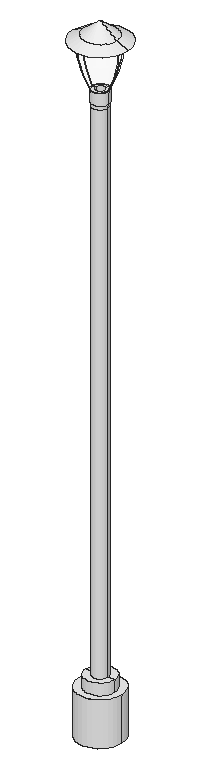
Revit family "Street Light Antique", category Lighting Fixtures, Revit 2015
Parameters (values of type "250W Halogen - 480V")
  Wattage = 250 W
  built-in parameter 1150110 = 1 (stored number, unit not read)
  built-in parameter 1114217 = 1 (stored number, unit not read)
  built-in parameter 1150109 = 1 (stored number, unit not read)
  built-in parameter 1150134 = 3
  built-in parameter 1150113 = 1 (stored number, unit not read)
  built-in parameter 1150115 = 1 (stored number, unit not read)
  built-in parameter 1150105 = 397.89 (stored number, unit not read)
  Load Classification = Lighting - Exterior
  Light Source Symbol Size = 200 mm
  built-in parameter 1150137 = 1
  built-in parameter 1150139 = (empty or 0)
  built-in parameter 1150112 = 1 (stored number, unit not read)
  built-in parameter 1150114 = 1 (stored number, unit not read)
  built-in parameter 1150132 = (empty or 0)
  built-in parameter 1150102 = (empty or 0)
  built-in parameter 1150138 = (empty or 0)
  built-in parameter 1150107 = 3200 (stored number, unit not read)
  built-in parameter 1150106 = 3.9789 (stored number, unit not read)
  built-in parameter 1150104 = 1.8581 (stored number, unit not read)
  Dimming Lamp Color Temperature Shift = <None>
  Color Filter = 16777215
  Ballast Voltage = 480 V
  Ballast Number of Poles = 3
  built-in parameter 1114218 = 1 (stored number, unit not read)
  built-in parameter 1150133 = 10 (stored number, unit not read)
  Assembly Code = "D5020280"
  Height = 4500 mm
  Lamp = "T-4"
  Lumens = 5000 lm
  Stand Material = none
  Wattage Comments = "250"
  Apparent Load = 250 VA
Types (10, lengths in mm): name | Wattage | built-in parameter 1150134 | built-in parameter 1150105 | built-in parameter 1150107 | built-in parameter 1150106 | built-in parameter 1150104 | Ballast Voltage | Ballast Number of Poles | Lamp | Lumens | Wattage Comments | Apparent Load
  (no name) | 250 W | 3 | 397.89 (stored number, unit not read) | 3200 (stored number, unit not read) | 3.9789 (stored number, unit not read) | 1.8581 (stored number, unit not read) | 480 V | 3 | "T-4" | 5000 lm | "250" | 250 VA
  400W Halogen - 120V | 400 W | 3 | 795.77 (stored number, unit not read) | 3200 (stored number, unit not read) | 7.9577 (stored number, unit not read) | 2.3226 (stored number, unit not read) | 120 V | 1 | "T-3" | 10000 lm | "400" | 400 VA
  250W Sodium - 120V | 250 W | 13 | 2307.7 (stored number, unit not read) | 2100 (stored number, unit not read) | 23.077 (stored number, unit not read) | 10.777 (stored number, unit not read) | 120 V | 1 | "ET-18" | 29000 lm | "250" | 250 VA
  250W Halogen - 120V | 250 W | 3 | 397.89 (stored number, unit not read) | 3200 (stored number, unit not read) | 3.9789 (stored number, unit not read) | 1.8581 (stored number, unit not read) | 120 V | 1 | "T-4" | 5000 lm | "250" | 250 VA
  250W Halogen - 277V | 250 W | 3 | 397.89 (stored number, unit not read) | 3200 (stored number, unit not read) | 3.9789 (stored number, unit not read) | 1.8581 (stored number, unit not read) | 277 V | 1 | "T-4" | 5000 lm | "250" | 250 VA
  250W Halogen - 480V | 250 W | 3 | 397.89 (stored number, unit not read) | 3200 (stored number, unit not read) | 3.9789 (stored number, unit not read) | 1.8581 (stored number, unit not read) | 480 V | 3 | "T-4" | 5000 lm | "250" | 250 VA
  250W Sodium - 277V | 250 W | 13 | 2307.7 (stored number, unit not read) | 2100 (stored number, unit not read) | 23.077 (stored number, unit not read) | 10.777 (stored number, unit not read) | 277 V | 1 | "ET-18" | 29000 lm | "250" | 250 VA
  250W Sodium - 480V | 250 W | 13 | 2307.7 (stored number, unit not read) | 2100 (stored number, unit not read) | 23.077 (stored number, unit not read) | 10.777 (stored number, unit not read) | 480 V | 3 | "ET-18" | 29000 lm | "250" | 250 VA
  400W Halogen - 277V | 400 W | 3 | 795.77 (stored number, unit not read) | 3200 (stored number, unit not read) | 7.9577 (stored number, unit not read) | 2.3226 (stored number, unit not read) | 277 V | 1 | "T-3" | 10000 lm | "400" | 400 VA
  400W Halogen - 480V | 400 W | 3 | 795.77 (stored number, unit not read) | 3200 (stored number, unit not read) | 7.9577 (stored number, unit not read) | 2.3226 (stored number, unit not read) | 480 V | 3 | "T-3" | 10000 lm | "400" | 400 VA
Reference planes
  plane 1 "Light Source Axis": y = 0
  plane 2: z = 0
  plane 3 "Light Source Axis": x = 0
  plane 4: z = 4500
  plane 5: z = 4373
  plane 6: z = 4411.1
  plane 7: z = 4068.2
  plane 8: z = 3992
  plane 9: z = 3966.6
  plane 10: x = -114.3
  plane 11: x = -190.5
  plane 12: x = -165.1
  plane 13: x = -76.2
  plane 14: x = 101.6
  plane 15: x = 76.2
  plane 16 "Light Source Elevation": z = 4292.6
  plane 17: z = 304.8
Forms (mm)
  Extrusion 1, solid, material <- "Stand Material"
    sketch origin (0, 0, 0) x (1, 0, 0) y (0, 1, 0)
      loop
        circle (0, 0) r 152.4
    from 0 to 304.8
  Revolve 2, solid, material <- "Stand Material"
    sketch origin (0, 0, 0) x (1, 0, 0) y (0, 0, 1)
      loop
        line (0, 4500) -> (-114.3, 4411.1) -> (-190.5, 4373) -> (-114.3, 4373) -> (-114.3, 4381.731) -> (-144.639, 4381.731) -> (-107.454, 4400.324) -> (0, 4485.172) -> (0, 4500)
      loop
        line (-57.398, 4068.2) -> (-57.398, 3992) -> (-53.975, 3992) -> (-53.975, 3966.6) -> (-12.7, 3966.6) -> (-12.7, 3992) -> (-31.998, 3992) -> (-31.998, 4068.2) -> (-57.398, 4068.2)
      axis (0, 4500) -> (0, 3966.6)
    angle from 0 to 360
  Sweep 3, solid, material <- "Stand Material"
    path origin (0, 0, 304.8) x (1, 0, 0) y (0, 1, 0)
      loop
        circle (0, 0) r 12.7
    profile origin (0, 0, 304.8) x (0, -1, 0) y (0, 0, 1)
      loop
        line (-25.4, 0) -> (-25.4, 3661.8) -> (-50.8, 3661.8) -> (-50.8, 76.2) -> (-101.6, 76.2) -> (-101.6, 0) -> (-25.4, 0)
  Revolve 4, solid, material "Glass"
    sketch origin (0, 0, 0) x (1, 0, 0) y (0, 0, 1)
      loop
        line (-57.398, 4068.2) -> (-51.043, 4068.2)
        arc (-51.043, 4068.2) -> (-108.966, 4215.957) -> (-131.878, 4373) r 695.382
        line (-131.878, 4373) -> (-139.069, 4373)
        arc (-139.069, 4373) -> (-115.751, 4215.906) -> (-57.398, 4068.2) r 695.382
      axis (0, 4373) -> (0, 4068.2)
    angle from 0 to 360
Lines and regions (mm)
  Masking region 1
    outline origin (0, 0, 0) x (1, 0, 0) y (0, 1, 0)
      loop
        circle (0, 0) r 152.4
  symbolic lines, style "Exterior"
    curve 1: arc (152.4, 0, 0) -> (0, 152.4, 0) -> (-152.4, 0, 0) r 152.4
    curve 2: arc (-152.4, 0, 0) -> (0, -152.4, 0) -> (152.4, 0, 0) r 152.4
    curve 3: arc (12.7, 0, 0) -> (0, 12.7, 0) -> (-12.7, 0, 0) r 12.7
    curve 4: arc (-12.7, 0, 0) -> (0, -12.7, 0) -> (12.7, 0, 0) r 12.7
Dimensions and locks
  "Height": plane 4 to plane 2
  locked: plane 8 to plane 9 at 25.4
  locked: plane 7 to plane 8 at 76.2
  locked: plane 5 to plane 7 at 304.8
  locked: plane 6 to plane 5 at 38.1
  locked: plane 4 to plane 6 at 88.9
  locked: plane 4 to plane 16 "Light Source Elevation" at 207.4
  aligned and locked: plane 10 to Revolve 2 sketch curve
  aligned and locked: plane 11 to Revolve 2 sketch curve
  aligned and locked: plane 5 to Revolve 2 sketch curve
  aligned and locked: Sweep 3 sketch curve to plane 9
  aligned and locked: Sweep 3 sketch curve to plane 17
  aligned and locked: Masking region 1 sketch curve to curve 1
  aligned and locked: plane 3 "Light Source Axis" to imposter light
  aligned and locked: plane 1 "Light Source Axis" to imposter light
  aligned and locked: plane 16 "Light Source Elevation" to imposter light
Automatic sketch dimensions
  Extrusion 1 sketch curve to plane 1 "Light Source Axis" = 0 mm
  Extrusion 1 sketch curve to plane 3 "Light Source Axis" = 0 mm
  Extrusion 1 sketch curve to plane 3 "Light Source Axis" = 152.4 mm
  Sweep 3 sketch curve to plane 1 "Light Source Axis" = 0 mm
  Sweep 3 sketch curve to plane 3 "Light Source Axis" = 0 mm
  Sweep 3 sketch curve to plane 3 "Light Source Axis" = 12.7 mm
  Revolve 2 sketch curve to plane 10 = 0 mm
  Revolve 2 sketch curve to plane 7 = 0 mm
  Revolve 2 sketch curve to plane 8 = 0 mm  (x2)
  Revolve 2 sketch curve to plane 9 = 0 mm
  Revolve 2 sketch curve to plane 3 "Light Source Axis" = 0 mm
  Revolve 2 sketch curve to plane 5 = 8.731 mm
  Revolve 2 sketch curve to plane 12 = 20.461 mm
  Revolve 2 sketch curve to plane 10 = 6.846 mm
  Revolve 2 sketch curve to plane 3 "Light Source Axis" = 57.398 mm
  Revolve 2 sketch curve to Revolve 2 sketch curve = 3.423 mm
  Revolve 2 sketch curve to Revolve 2 sketch curve = 25.4 mm
  Revolve 2 sketch curve to plane 3 "Light Source Axis" = 12.7 mm
  Revolve 2 sketch curve to plane 6 = 0 mm
  Revolve 2 sketch curve to plane 4 = 0 mm  (x2)
  plane 9 to Revolve 2 sketch curve = 76.2 mm
  plane 6 to Revolve 2 sketch curve = 10.776 mm
  Revolve 2 sketch curve to Revolve 2 sketch curve = 14.828 mm
  Revolve 2 sketch curve to Revolve 2 sketch curve = 254 mm
  Revolve 4 sketch curve to plane 5 = 0 mm
  Revolve 4 sketch curve to plane 7 = 0 mm
  Revolve 4 sketch curve to plane 3 "Light Source Axis" = 0 mm
  Revolve 4 sketch curve to plane 3 "Light Source Axis" = 51.043 mm
  Revolve 4 sketch curve to Revolve 4 sketch curve = 6.355 mm
  Revolve 4 sketch curve to plane 3 "Light Source Axis" = 131.878 mm
  Revolve 4 sketch curve to Revolve 4 sketch curve = 7.191 mm
  Revolve 4 sketch curve to plane 5 = 22.884 mm
  Revolve 4 sketch curve to Revolve 4 sketch curve = 7.244 mm
  Revolve 4 sketch curve to plane 8 = 25.4 mm
  Revolve 4 sketch curve to plane 4 = 177.8 mm
  curve 1 to plane 1 "Light Source Axis" = 0 mm
  curve 4 to plane 1 "Light Source Axis" = 0 mm
  curve 2 to plane 3 "Light Source Axis" = 0 mm
  curve 3 to plane 3 "Light Source Axis" = 0 mm
  curve 3 to plane 3 "Light Source Axis" = 12.7 mm
  curve 2 to plane 12 = 12.7 mm
  profile plane to Sweep 3 sketch curve = 88.9 mm
  profile plane to Sweep 3 sketch curve = 38.1 mm
  profile plane to Sweep 3 sketch curve = 12.7 mm
  Sweep 3 sketch curve to Sweep 3 sketch curve = 76.2 mm
Connectors
  electrical at (0, 0, 3966.6), driven by "Apparent Load", driven by "Ballast Voltage", driven by "Ballast Number of Poles", driven by "Load Classification"
    settings: on Revolve 2, index 1, voltage 480 V, apparent load 0 VA, apparent load phase1 250 VA, apparent load phase2 0 VA, apparent load phase3 0 VA, power factor 0.95, load classification "Lighting - Exterior", number of poles 3, system type 31, power factor state 1, is connector primary yes, connector utility no, sub classification motor no, connector description ""
